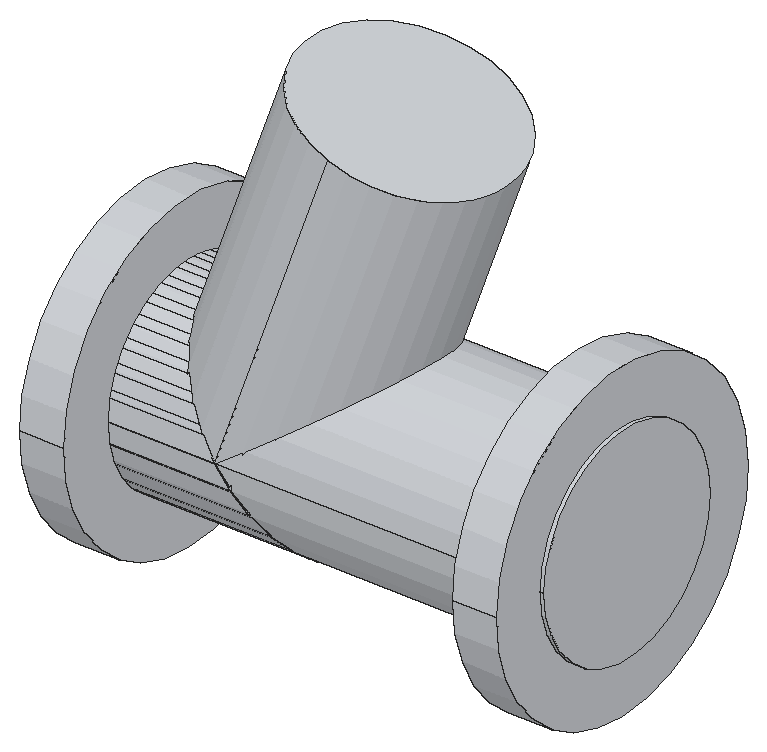
Revit family "447-DN080-RFA_2019", category Pipe Accessories, Revit 2019
Family settings
  Round Connector Dimension = Use Diameter
  Part Type = Valve - Breaks Into
  Work Plane-Based = No
  Always vertical = Yes
  Cut with Voids When Loaded = No
  Shared = No
Parameters (values of type "447-DN080")
  magiProductId = "7399fcf493614c92ad9035a8ac3adf"
  magiProductFamilyId = "b72cb932c1b3471491e3d369876ba1"
  magiPartTypeId = 304
  isMeasuringValve [instance] = no
  ang2D [instance] = 0.00°
  X2 = 71.982 mm
  X1 = 43.4 mm
  W2D = 100 mm
  VersionID = "2.0/2017.9.26.1/ZETKAMA_447_001"
  Use Minimum Symbol Size [instance] = yes
  URL = "http://www.hydronix.cz"
  Type Comments = "přírubový; PN16; -10~+120°C"
  S = 132 mm
  QmdConnectorList = "301;D;302;D"
  Productdata [instance] = ""
  Manufacturer = "Hydronix"
  MC Product Code = "447 080 (DN80; PN16 kvs113,4)"
  MC Piping Given Pressure Drop [instance] = 0.0 Pa
  LM1 = 24.8 mm
  LM = 248 mm
  L2D_Min = 3048 mm
  L2D = 350 mm
  L2 = 155 mm
  HH1 = 197.769 mm
  FD = 200 mm
  Description = "Ruční vyvažovací ventil přírubový; DN80; PN16; kvs113,4"
  DT = 130 mm
  D = 80 mm
  CC = 3.1 mm
  CAT0 = yes
  C1 = 27.9 mm
  C = 31 mm
Types (10, lengths in mm): name | magiProductId | X2 | X1 | S | MC Product Code | LM1 | LM | L2 | HH1 | FD | Description | DT | D | CC | C1 | C
  447-DN100 | "98b46d48787042dd9a812fc0797c69" | 79.261 | 49 | 156 | "447 100 (DN100; PN16 kvs184,7)" | 28 | 280 | 175 | 217.769 | 220 | "Ruční vyvažovací ventil přírubový; DN100; PN16; kvs184,7" | 130 | 100 | 3.5 | 31.5 | 35
  447-DN125 | "02b47ccb17f74d08923d86f3fe118e" | 86.541 | 56 | 184 | "447 125 (DN125; PN16 kvs285,1)" | 32 | 320 | 200 | 237.769 | 250 | "Ruční vyvažovací ventil přírubový; DN125; PN16; kvs285,1" | 130 | 125 | 4 | 36 | 40
  447-DN150 | "7f7b5672e2b748ca8839732ddacd1d" | 95.64 | 67.2 | 211 | "447 150 (DN150; PN16 kvs390,2)" | 38.4 | 384 | 240 | 262.769 | 285 | "Ruční vyvažovací ventil přírubový; DN150; PN16; kvs390,2" | 130 | 150 | 4.8 | 43.2 | 48
  447-DN200 | "e1019e6fc9b647ceac6d31797e2f53" | 155.411 | 84 | 266 | "447 200 (DN200; PN16 kvs710)" | 48 | 480 | 300 | 426.987 | 340 | "Ruční vyvažovací ventil přírubový; DN200; PN16; kvs710" | 310 | 200 | 6 | 54 | 60
  447-DN250 | "a0eac83e29f84220b7ba68901aa49e" | 171.789 | 102.2 | 319 | "447 250 (DN250; PN16 kvs1188)" | 58.4 | 584 | 365 | 471.987 | 405 | "Ruční vyvažovací ventil přírubový; DN250; PN16; kvs1188" | 310 | 250 | 7.3 | 65.7 | 73
  447-DN300 | "476300b2e87f4f20bd49d272c44436" | 175.429 | 119 | 370 | "447 300 (DN300; PN16 kvs1504)" | 68 | 680 | 425 | 481.987 | 460 | "Ruční vyvažovací ventil přírubový; DN300; PN16; kvs1504" | 310 | 300 | 8.5 | 76.5 | 85
  447-DN040 | "1b02107dafeb4f5588628c478854c2" | 42.71 | 28 | 84 | "447 040 (DN40; PN16 kvs22,36)" | 16 | 160 | 100 | 117.345 | 150 | "Ruční vyvažovací ventil přírubový; DN40; PN16; kvs22,36" | 74 | 40 | 2 | 18 | 20
  447-DN050 | "5ed7087ff739473a8b86e2dbbe5062" | 42.71 | 32.2 | 99 | "447 050 (DN50; PN16 kvs32,15)" | 18.4 | 184 | 115 | 117.345 | 165 | "Ruční vyvažovací ventil přírubový; DN50; PN16; kvs32,15" | 74 | 50 | 2.3 | 20.7 | 23
  447-DN065 | "bd77367604f142d88050bf73c88c7b" | 71.982 | 40.6 | 118 | "447 065 (DN65; PN16 kvs88,8)" | 23.2 | 232 | 145 | 197.769 | 185 | "Ruční vyvažovací ventil přírubový; DN65; PN16; kvs88,8" | 130 | 65 | 2.9 | 26.1 | 29
  447-DN080 | "7399fcf493614c92ad9035a8ac3adf" | 71.982 | 43.4 | 132 | "447 080 (DN80; PN16 kvs113,4)" | 24.8 | 248 | 155 | 197.769 | 200 | "Ruční vyvažovací ventil přírubový; DN80; PN16; kvs113,4" | 130 | 80 | 3.1 | 27.9 | 31
Reference planes
  plane 1 "Center (Front/Back)": y = 0
  plane 2 "XYPLANE": z = 0
  plane 3 "Center (Left/Right)": x = 0
  plane 4 "110": x = 16.182
  plane 5 "109": z = 197.769
  plane 6 "108": x = -55.8
  plane 7 "107": x = 151.9
  plane 8 "106": x = -151.9
  plane 9 "105": z = 0
  plane 10 "104": y = 0
  plane 11 "103": x = -155
  plane 12 "102": x = 155
  plane 13 "100": x = -124
  plane 14 "99": x = 124
  plane 15 "98": x = -99.2
Forms (mm)
  Extrusion 1, solid, visible <- "CAT0"
    sketch origin (-124, -750, 0) x (0, 1, 0) y (0, 0, 1)
      loop
        circle (750, 0) r 65
    from 0 to 248 <- "LM"
  Sweep 2, solid, visible <- "CAT0"
    path origin (750, 0, 0) x (-1, 0, 0) y (0, 0, 1)
      loop
        line (874, 0) -> (805.8, 0) -> (733.818, 197.769)
    profile origin (-124, 0, 0) x (0, 0, -1) y (0, 1, 0)
      loop
        circle (0, 0) r 65
  Extrusion 3, solid
    sketch origin (151.9, -750, 0) x (0, 1, 0) y (0, 0, 1)
      loop
        circle (750, 0) r 66
    from 0 to 3.1 <- "CC"
  Extrusion 4, solid
    sketch origin (124, -750, 0) x (0, 1, 0) y (0, 0, 1)
      loop
        circle (750, 0) r 100
    from 0 to 27.9 <- "C1"
  Extrusion 5, solid
    sketch origin (-151.9, -750, 0) x (0, 1, 0) y (0, 0, 1)
      loop
        circle (750, 0) r 100
    from 0 to 27.9 <- "C1"
  Extrusion 6, solid
    sketch origin (-155, -750, 0) x (0, 1, 0) y (0, 0, 1)
      loop
        circle (750, 0) r 66
    from 0 to 3.1 <- "CC"
  Extrusion 7, solid, not visible
    sketch origin (-155, -750, 0) x (0, 1, 0) y (0, 0, 1)
      loop
        circle (750, 0) r 10
    from 0 to 10
  Extrusion 8, solid, not visible
    sketch origin (155, -750, 0) x (0, 1, 0) y (0, 0, 1)
      loop
        circle (750, 0) r 10
    from 0 to -10
Lines and regions (mm)
  reference lines, not visible
    curve 1: circle (2, 2, 0) r 1 normal (0, 0, 1)
Dimensions and locks
  plane 1 "Center (Front/Back)" to curve 1 = 2 mm
  "X2": plane 6 "108" to plane 4 "110"
  "HH1": plane 2 "XYPLANE" to plane 5 "109"
  "X1": plane 15 "98" to plane 6 "108"
  "C1": plane 14 "99" to plane 7 "107"
  "CC": plane 11 "103" to plane 8 "106"
  locked: plane 2 "XYPLANE" to plane 9 "105"
  locked: plane 1 "Center (Front/Back)" to plane 10 "104"
  "L2": plane 3 "Center (Left/Right)" to plane 11 "103"
  "L2": plane 3 "Center (Left/Right)" to plane 12 "102"
  "C": plane 11 "103" to plane 13 "100"
  "LM": plane 13 "100" to plane 14 "99"
  "LM1": plane 13 "100" to plane 15 "98"
  Sweep 2 sketch curve to Sweep 2 sketch curve = 0 mm  (x2)
  "DT": diameter of Extrusion 1 sketch curve
  "DT": diameter of Sweep 2 sketch curve
  "S": diameter of Extrusion 3 sketch curve
  "FD": diameter of Extrusion 4 sketch curve
  "FD": diameter of Extrusion 5 sketch curve
  "S": diameter of Extrusion 6 sketch curve
  aligned and locked: level to plane 2 "XYPLANE"
  aligned and locked: plane 9 "105" to Extrusion 1 sketch curve
  aligned and locked: Extrusion 1 sketch curve to plane 10 "104"
  aligned and locked: plane 9 "105" to Sweep 2 sketch curve  (x3)
  aligned and locked: Sweep 2 sketch curve to plane 10 "104"
  aligned and locked: plane 13 "100" to Sweep 2 sketch curve
  aligned and locked: plane 6 "108" to Sweep 2 sketch curve
  aligned and locked: plane 4 "110" to Sweep 2 sketch curve
  aligned and locked: plane 5 "109" to Sweep 2 sketch curve
  aligned and locked: plane 9 "105" to Extrusion 3 sketch curve
  aligned and locked: Extrusion 3 sketch curve to plane 10 "104"
  aligned and locked: plane 9 "105" to Extrusion 4 sketch curve
  aligned and locked: Extrusion 4 sketch curve to plane 10 "104"
  aligned and locked: plane 9 "105" to Extrusion 5 sketch curve
  aligned and locked: Extrusion 5 sketch curve to plane 10 "104"
  aligned and locked: plane 9 "105" to Extrusion 6 sketch curve
  aligned and locked: Extrusion 6 sketch curve to plane 10 "104"
  aligned and locked: plane 9 "105" to Extrusion 7 sketch curve
  aligned and locked: Extrusion 7 sketch curve to plane 10 "104"
  aligned and locked: plane 9 "105" to Extrusion 8 sketch curve
  aligned and locked: Extrusion 8 sketch curve to plane 10 "104"
Automatic sketch dimensions
  plane 1 "Center (Front/Back)" to Extrusion 7 sketch curve = 10 mm
  plane 1 "Center (Front/Back)" to Extrusion 8 sketch curve = 10 mm
  plane 3 "Center (Left/Right)" to curve 1 = 2 mm
  radius of curve 1 = 1 mm
Connectors
  piping at (-155, 0, 0), diameter 80, driven by "D"
    settings: on Extrusion 7, index 1, connector inside diameter 609.6 mm, connector length 0 mm, flow factor 0, pipe flow 0.0 L/s, pressure drop 0.0 Pa, fitting loss kfactor 0, connector angle 0.00°, fixture units 0, engagement length 0 mm, angle of deflection 0.00°, flow configuration 0, flow direction 0, fitting loss method 0, system type 29, joint type 0, gender type 0, connector reference index 2, connector utility 0, adjustable connector no, is connector primary yes, connector description ""
  piping at (155, 0, 0), diameter 80, driven by "D"
    settings: on Extrusion 8, index 2, connector inside diameter 609.6 mm, connector length 0 mm, flow factor 0, pipe flow 0.0 L/s, pressure drop 0.0 Pa, fitting loss kfactor 0, connector angle 0.00°, fixture units 0, engagement length 0 mm, angle of deflection 0.00°, flow configuration 0, flow direction 0, fitting loss method 0, system type 29, joint type 0, gender type 0, connector reference index 1, connector utility 0, adjustable connector no, is connector primary no, connector description ""
